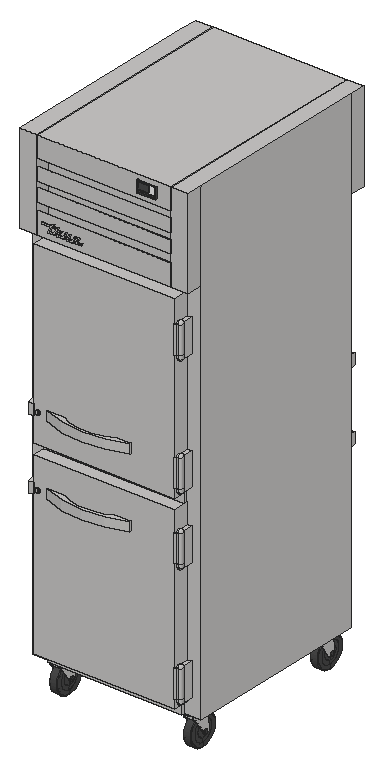
Revit family "QF_TRUE_STG1RPT-2HS-2HS-HC", category Specialty Equipment, Revit 2012 (continued)
Automatic sketch dimensions
  Extrusion 6 sketch curve to Extrusion 6 sketch curve = 0.01413"
  Extrusion 6 sketch curve to Extrusion 6 sketch curve = 0.37162"
  Extrusion 6 sketch curve to Extrusion 6 sketch curve = 0.12551"
  Extrusion 6 sketch curve to Extrusion 6 sketch curve = 0.07633"
  Extrusion 6 sketch curve to Extrusion 6 sketch curve = 0.08445"
  Extrusion 6 sketch curve to Extrusion 6 sketch curve = 0.25598"
  Extrusion 6 sketch curve to Extrusion 6 sketch curve = 0.01887"
  Extrusion 6 sketch curve to Extrusion 6 sketch curve = 0.04061"
  Extrusion 6 sketch curve to Extrusion 6 sketch curve = 0.0653"
  Extrusion 6 sketch curve to Extrusion 6 sketch curve = 0.08474"
  Extrusion 6 sketch curve to Extrusion 6 sketch curve = 0.00815"
  Extrusion 6 sketch curve to Extrusion 6 sketch curve = 0.22037"
  Extrusion 6 sketch curve to Extrusion 6 sketch curve = 0.21921"
  Extrusion 6 sketch curve to Extrusion 6 sketch curve = 0.11572"
  Extrusion 6 sketch curve to Extrusion 6 sketch curve = 0.46643"
  Extrusion 6 sketch curve to Extrusion 6 sketch curve = 0.00535"
  Extrusion 6 sketch curve to Extrusion 6 sketch curve = 0.09269"
  Extrusion 6 sketch curve to Extrusion 6 sketch curve = 0.09348"
  Extrusion 6 sketch curve to Extrusion 6 sketch curve = 0.14812"
  Extrusion 6 sketch curve to Extrusion 6 sketch curve = 0.07778"  (x3)
  Extrusion 6 sketch curve to Extrusion 6 sketch curve = 0.20054"
  Extrusion 6 sketch curve to Extrusion 6 sketch curve = 0.04325"
  Extrusion 6 sketch curve to Extrusion 6 sketch curve = 0.32433"
  Extrusion 6 sketch curve to Extrusion 6 sketch curve = 0.10233"  (x2)
  Extrusion 6 sketch curve to Extrusion 6 sketch curve = 0.16515"
  Extrusion 6 sketch curve to Extrusion 6 sketch curve = 0.27321"
  Extrusion 6 sketch curve to Extrusion 6 sketch curve = 0.0526"
  Extrusion 6 sketch curve to Extrusion 6 sketch curve = 0.10005"
  Extrusion 6 sketch curve to Extrusion 6 sketch curve = 0.06912"
  Extrusion 6 sketch curve to Extrusion 6 sketch curve = 0.13276"
  Extrusion 6 sketch curve to Extrusion 6 sketch curve = 0.17486"
  Extrusion 6 sketch curve to Extrusion 6 sketch curve = 0.05291"
  Extrusion 6 sketch curve to Extrusion 6 sketch curve = 0.53374"
  Extrusion 6 sketch curve to Extrusion 6 sketch curve = 0.09914"  (x2)
  Extrusion 6 sketch curve to Extrusion 6 sketch curve = 0.15992"
  Extrusion 6 sketch curve to Extrusion 6 sketch curve = 0.46666"
  Extrusion 6 sketch curve to Extrusion 6 sketch curve = 0.00582"
  Extrusion 6 sketch curve to Extrusion 6 sketch curve = 0.08216"
  Extrusion 6 sketch curve to Extrusion 6 sketch curve = 0.16397"
  Extrusion 6 sketch curve to Extrusion 6 sketch curve = 0.12601"
  Extrusion 6 sketch curve to Extrusion 6 sketch curve = 0.1363"
  Extrusion 6 sketch curve to Extrusion 6 sketch curve = 0.02323"
  Extrusion 6 sketch curve to Extrusion 6 sketch curve = 0.03844"
  Extrusion 6 sketch curve to Extrusion 6 sketch curve = 0.0454"
  Extrusion 6 sketch curve to Extrusion 6 sketch curve = 0.05693"
  Extrusion 6 sketch curve to Extrusion 6 sketch curve = 0.0917"
  Extrusion 6 sketch curve to Extrusion 6 sketch curve = 0.01902"
  Extrusion 6 sketch curve to Extrusion 6 sketch curve = 0.02191"
  Extrusion 6 sketch curve to Extrusion 6 sketch curve = 0.0347"
  Extrusion 6 sketch curve to Extrusion 6 sketch curve = 0.06385"
  Extrusion 6 sketch curve to Extrusion 6 sketch curve = 0.02906"
  Extrusion 6 sketch curve to Extrusion 6 sketch curve = 0.02851"
  Extrusion 6 sketch curve to Extrusion 6 sketch curve = 0.29237"
  Extrusion 6 sketch curve to Extrusion 6 sketch curve = 0.00537"
  Extrusion 6 sketch curve to Extrusion 6 sketch curve = 0.0406"
  Extrusion 6 sketch curve to Extrusion 6 sketch curve = 0.04327"
  Extrusion 6 sketch curve to Extrusion 6 sketch curve = 0.02615"
  Extrusion 6 sketch curve to Extrusion 6 sketch curve = 0.11806"
  Extrusion 6 sketch curve to Extrusion 6 sketch curve = 0.15103"
  Extrusion 6 sketch curve to Extrusion 6 sketch curve = 0.10007"
  Extrusion 6 sketch curve to Extrusion 6 sketch curve = 0.5254"
  Extrusion 6 sketch curve to Extrusion 6 sketch curve = 0.14787"
  Extrusion 6 sketch curve to plane 5 "TOP" = 13.64562"
  Extrusion 6 sketch curve to Extrusion 6 sketch curve = 0.07275"
  Extrusion 6 sketch curve to Extrusion 6 sketch curve = 0.05776"
  Extrusion 6 sketch curve to Extrusion 6 sketch curve = 0.08631"
  Extrusion 6 sketch curve to Extrusion 6 sketch curve = 0.09282"
  Extrusion 6 sketch curve to Extrusion 6 sketch curve = 0.13018"
  Extrusion 6 sketch curve to Extrusion 6 sketch curve = 0.16714"
  Extrusion 6 sketch curve to Extrusion 6 sketch curve = 0.11061"
  Extrusion 6 sketch curve to Extrusion 6 sketch curve = 0.06046"
  Extrusion 6 sketch curve to Extrusion 6 sketch curve = 0.16548"
  Extrusion 6 sketch curve to Extrusion 6 sketch curve = 0.14279"
  Extrusion 6 sketch curve to Extrusion 6 sketch curve = 0.0496"
  Extrusion 6 sketch curve to Extrusion 6 sketch curve = 0.07293"
  Extrusion 6 sketch curve to Extrusion 6 sketch curve = 0.07764"
  Extrusion 6 sketch curve to Extrusion 6 sketch curve = 0.03794"
  Extrusion 6 sketch curve to Extrusion 6 sketch curve = 0.08552"
  Extrusion 6 sketch curve to Extrusion 6 sketch curve = 0.09296"
  Extrusion 6 sketch curve to Extrusion 6 sketch curve = 0.09314"
  Extrusion 6 sketch curve to Extrusion 6 sketch curve = 0.02781"
  Extrusion 6 sketch curve to Extrusion 6 sketch curve = 0.04981"
  Extrusion 6 sketch curve to Extrusion 6 sketch curve = 0.09315"
  Extrusion 6 sketch curve to Extrusion 6 sketch curve = 0.04799"
  Extrusion 6 sketch curve to Extrusion 6 sketch curve = 0.02531"
  Extrusion 6 sketch curve to Extrusion 6 sketch curve = 0.03054"
  Extrusion 6 sketch curve to Extrusion 6 sketch curve = 0.2589"
  Extrusion 6 sketch curve to Extrusion 6 sketch curve = 0.0674"
  Extrusion 6 sketch curve to Extrusion 6 sketch curve = 0.0324"
  Extrusion 6 sketch curve to Extrusion 6 sketch curve = 0.26185"
  Extrusion 6 sketch curve to Extrusion 6 sketch curve = 11/256"
  Extrusion 6 sketch curve to Extrusion 6 sketch curve = 0.07366"
  Extrusion 6 sketch curve to Extrusion 6 sketch curve = 0.02187"
  Extrusion 6 sketch curve to Extrusion 6 sketch curve = 0.06479"
  Extrusion 6 sketch curve to Extrusion 6 sketch curve = 0.01183"
  Extrusion 6 sketch curve to Extrusion 6 sketch curve = 0.05778"
  Extrusion 6 sketch curve to Extrusion 6 sketch curve = 0.53375"
  Extrusion 6 sketch curve to Extrusion 6 sketch curve = 0.23098"
  Extrusion 6 sketch curve to Extrusion 6 sketch curve = 0"
  Extrusion 6 sketch curve to Extrusion 6 sketch curve = 0.05045"
  Extrusion 6 sketch curve to Extrusion 6 sketch curve = 0.09139"
  Extrusion 6 sketch curve to Extrusion 6 sketch curve = 29/128"  (x3)
  Extrusion 7 sketch curve to plane 3 "RIGHT" = 3 1/4"
  Extrusion 7 sketch curve to plane 5 "TOP" = 2 1/8"
  Revolve 8 sketch curve to plane 3 "RIGHT" = 4.35148"
  Revolve 8 sketch curve to Revolve 8 sketch curve = 0.48273"
  Revolve 8 sketch curve to Revolve 8 sketch curve = 0.4"
  Revolve 8 sketch curve to Revolve 8 sketch curve = 0"  (x2)
  Revolve 8 sketch curve to Revolve 8 sketch curve = 0.1"  (x2)
  Revolve 8 sketch curve to Revolve 8 sketch curve = 0.16101"
  Revolve 8 sketch curve to Revolve 8 sketch curve = 0.75408"
  Revolve 8 sketch curve to Revolve 8 sketch curve = 0.92798"
  Revolve 8 sketch curve to Revolve 8 sketch curve = 0.06101"
  Revolve 8 sketch curve to Revolve 8 sketch curve = 1/2"
  Revolve 8 sketch curve to Revolve 8 sketch curve = 0.16509"
  Revolve 8 sketch curve to Revolve 8 sketch curve = 0.39592"
  level to Revolve 8 sketch curve = 2 1/2"
  Revolve 8 sketch curve to Revolve 8 sketch curve = 0.29941"  (x2)
  Revolve 8 sketch curve to Revolve 8 sketch curve = 3/4"  (x4)
  Revolve 8 sketch curve to Revolve 8 sketch curve = 0.59652"
  Revolve 8 sketch curve to Revolve 8 sketch curve = 0.60059"
  Extrusion 9 sketch curve to plane 6 = 0.63926"  (x2)
  Extrusion 9 sketch curve to plane 4 "FRONT" = 3.79864"
  Extrusion 9 sketch curve to Extrusion 9 sketch curve = 1/4"  (x2)
  level to Extrusion 9 sketch curve = 2.18736"  (x2)
  Extrusion 9 sketch curve to Extrusion 9 sketch curve = 1.7492"  (x2)
  Extrusion 9 sketch curve to Extrusion 9 sketch curve = 0.50669"  (x2)
  Extrusion 9 sketch curve to Extrusion 9 sketch curve = 2 1/2"  (x2)
  level to Extrusion 9 sketch curve = 2.59003"  (x2)
  Extrusion 9 sketch curve to Extrusion 9 sketch curve = 0.59966"  (x2)
  plane 8 to Extrusion 9 sketch curve = 6.82645"
  Extrusion 9 sketch curve to Extrusion 9 sketch curve = 0.60485"  (x2)
  Extrusion 10 sketch curve to plane 6 = 0.63926"  (x2)
  Extrusion 10 sketch curve to plane 4 "FRONT" = 3.79864"
  Extrusion 10 sketch curve to Extrusion 10 sketch curve = 1/4"  (x2)
  level to Extrusion 10 sketch curve = 2.18736"  (x2)
  Extrusion 10 sketch curve to Extrusion 10 sketch curve = 1.7492"  (x2)
  Extrusion 10 sketch curve to Extrusion 10 sketch curve = 0.50669"  (x2)
  Extrusion 10 sketch curve to Extrusion 10 sketch curve = 2 1/2"  (x2)
  level to Extrusion 10 sketch curve = 2.59003"  (x2)
  Extrusion 10 sketch curve to Extrusion 10 sketch curve = 0.59966"  (x2)
  plane 8 to Extrusion 10 sketch curve = 6.82645"
  Extrusion 10 sketch curve to Extrusion 10 sketch curve = 0.60485"  (x2)
  Revolve 11 sketch curve to plane 6 = 0.62954"
  Revolve 11 sketch curve to plane 3 "RIGHT" = 4.14082"
  Revolve 11 sketch curve to Revolve 11 sketch curve = 1.29707"
  Revolve 11 sketch curve to Revolve 11 sketch curve = 0"
  Revolve 11 sketch curve to Revolve 11 sketch curve = 0.10278"
  Revolve 11 sketch curve to plane 6 = 0.00141"
  plane 6 to Revolve 11 sketch curve = 0.26768"
  Revolve 12 sketch curve to level = 0"
  Revolve 12 sketch curve to plane 6 = 0"
  Revolve 12 sketch curve to plane 3 "RIGHT" = 4.17713"
  level to Revolve 12 sketch curve = 1"
  Revolve 12 sketch curve to plane 3 "RIGHT" = 3 19/32"
  Revolve 12 sketch curve to Revolve 12 sketch curve = 1/4"
  Revolve 12 sketch curve to Revolve 12 sketch curve = 1/2"
  Revolve 12 sketch curve to Revolve 12 sketch curve = 0"
  Revolve 12 sketch curve to Revolve 12 sketch curve = 5/8"
  plane 6 to Revolve 12 sketch curve = 1 25/32"
  Revolve 13 sketch curve to level = 0"
  Revolve 13 sketch curve to plane 6 = 0"
  Revolve 13 sketch curve to plane 3 "RIGHT" = 4.17713"
  level to Revolve 13 sketch curve = 1"
  Revolve 13 sketch curve to plane 3 "RIGHT" = 3 19/32"
  Revolve 13 sketch curve to Revolve 13 sketch curve = 1/4"
  Revolve 13 sketch curve to Revolve 13 sketch curve = 1/2"
  Revolve 13 sketch curve to Revolve 13 sketch curve = 0"
  Revolve 13 sketch curve to Revolve 13 sketch curve = 5/8"
  plane 6 to Revolve 13 sketch curve = 1 25/32"
  Revolve 14 sketch curve to plane 6 = 0.62954"
  Revolve 14 sketch curve to plane 3 "RIGHT" = 4.14082"
  Revolve 14 sketch curve to Revolve 14 sketch curve = 1.29707"
  Revolve 14 sketch curve to Revolve 14 sketch curve = 0"
  Revolve 14 sketch curve to Revolve 14 sketch curve = 0.10278"
  Revolve 14 sketch curve to plane 6 = 0.00141"
  plane 6 to Revolve 14 sketch curve = 0.26768"
  Extrusion 15 sketch curve to plane 6 = 0.63926"  (x2)
  Extrusion 15 sketch curve to plane 4 "FRONT" = 3.79864"
  Extrusion 15 sketch curve to Extrusion 15 sketch curve = 1/4"  (x2)
  Extrusion 15 sketch curve to Extrusion 15 sketch curve = 2 1/2"  (x2)
  Extrusion 15 sketch curve to plane 6 = 0.93273"  (x2)
  Extrusion 15 sketch curve to Extrusion 15 sketch curve = 0.03603"
  plane 8 to Extrusion 15 sketch curve = 6.82645"
  Extrusion 15 sketch curve to plane 6 = 1.24411"
  plane 2 "LEFT" to Revolve 16 sketch curve = 1.33602"
  Revolve 16 sketch curve to Revolve 16 sketch curve = 0.48273"
  Revolve 16 sketch curve to Revolve 16 sketch curve = 0.4"
  Revolve 16 sketch curve to Revolve 16 sketch curve = 0"  (x2)
  Revolve 16 sketch curve to Revolve 16 sketch curve = 0.1"  (x2)
  Revolve 16 sketch curve to Revolve 16 sketch curve = 0.16101"
  Revolve 16 sketch curve to Revolve 16 sketch curve = 0.75408"
  Revolve 16 sketch curve to Revolve 16 sketch curve = 0.92798"
  Revolve 16 sketch curve to Revolve 16 sketch curve = 0.06101"
  Revolve 16 sketch curve to Revolve 16 sketch curve = 1/2"
  Revolve 16 sketch curve to Revolve 16 sketch curve = 0.16509"
  Revolve 16 sketch curve to Revolve 16 sketch curve = 0.39592"
  level to Revolve 16 sketch curve = 2 1/2"
  Revolve 16 sketch curve to Revolve 16 sketch curve = 0.29941"  (x2)
  Revolve 16 sketch curve to Revolve 16 sketch curve = 3/4"  (x4)
  Revolve 16 sketch curve to Revolve 16 sketch curve = 0.59652"
  Revolve 16 sketch curve to Revolve 16 sketch curve = 0.60059"
  Extrusion 17 sketch curve to plane 6 = 0.63926"  (x2)
  Extrusion 17 sketch curve to plane 4 "FRONT" = 3.79864"
  Extrusion 17 sketch curve to Extrusion 17 sketch curve = 1/4"  (x2)
  level to Extrusion 17 sketch curve = 2.18736"  (x2)
  Extrusion 17 sketch curve to Extrusion 17 sketch curve = 1.7492"  (x2)
  Extrusion 17 sketch curve to Extrusion 17 sketch curve = 0.50669"  (x2)
  Extrusion 17 sketch curve to Extrusion 17 sketch curve = 2 1/2"  (x2)
  level to Extrusion 17 sketch curve = 2.59003"  (x2)
  Extrusion 17 sketch curve to Extrusion 17 sketch curve = 0.59966"  (x2)
  plane 8 to Extrusion 17 sketch curve = 6.82645"
  Extrusion 17 sketch curve to Extrusion 17 sketch curve = 0.60485"  (x2)
  Extrusion 18 sketch curve to plane 6 = 0.63926"  (x2)
  Extrusion 18 sketch curve to plane 4 "FRONT" = 3.79864"
  Extrusion 18 sketch curve to Extrusion 18 sketch curve = 1/4"  (x2)
  level to Extrusion 18 sketch curve = 2.18736"  (x2)
  Extrusion 18 sketch curve to Extrusion 18 sketch curve = 1.7492"  (x2)
  Extrusion 18 sketch curve to Extrusion 18 sketch curve = 0.50669"  (x2)
  Extrusion 18 sketch curve to Extrusion 18 sketch curve = 2 1/2"  (x2)
  level to Extrusion 18 sketch curve = 2.59003"  (x2)
  Extrusion 18 sketch curve to Extrusion 18 sketch curve = 0.59966"  (x2)
  plane 8 to Extrusion 18 sketch curve = 6.82645"
  Extrusion 18 sketch curve to Extrusion 18 sketch curve = 0.60485"  (x2)
  Revolve 19 sketch curve to plane 6 = 0.62954"
  plane 2 "LEFT" to Revolve 19 sketch curve = 1.54668"
  Revolve 19 sketch curve to Revolve 19 sketch curve = 1.29707"
  Revolve 19 sketch curve to Revolve 19 sketch curve = 0"
  Revolve 19 sketch curve to Revolve 19 sketch curve = 0.10278"
  Revolve 19 sketch curve to plane 6 = 0.00141"
  plane 6 to Revolve 19 sketch curve = 0.26768"
  Revolve 20 sketch curve to level = 0"
  Revolve 20 sketch curve to plane 6 = 0"
  plane 2 "LEFT" to Revolve 20 sketch curve = 1.51037"
  level to Revolve 20 sketch curve = 1"
  plane 2 "LEFT" to Revolve 20 sketch curve = 2 3/32"
  Revolve 20 sketch curve to Revolve 20 sketch curve = 1/4"
  Revolve 20 sketch curve to Revolve 20 sketch curve = 1/2"
  Revolve 20 sketch curve to Revolve 20 sketch curve = 0"
  Revolve 20 sketch curve to Revolve 20 sketch curve = 5/8"
  plane 6 to Revolve 20 sketch curve = 1 25/32"
  Revolve 21 sketch curve to level = 0"
  Revolve 21 sketch curve to plane 6 = 0"
  plane 2 "LEFT" to Revolve 21 sketch curve = 1.51037"
  level to Revolve 21 sketch curve = 1"
  plane 2 "LEFT" to Revolve 21 sketch curve = 2 3/32"
  Revolve 21 sketch curve to Revolve 21 sketch curve = 1/4"
  Revolve 21 sketch curve to Revolve 21 sketch curve = 1/2"
  Revolve 21 sketch curve to Revolve 21 sketch curve = 0"
  Revolve 21 sketch curve to Revolve 21 sketch curve = 5/8"
  plane 6 to Revolve 21 sketch curve = 1 25/32"
  Revolve 22 sketch curve to plane 6 = 0.62954"
  plane 2 "LEFT" to Revolve 22 sketch curve = 1.54668"
  Revolve 22 sketch curve to Revolve 22 sketch curve = 1.29707"
  Revolve 22 sketch curve to Revolve 22 sketch curve = 0"
  Revolve 22 sketch curve to Revolve 22 sketch curve = 0.10278"
  Revolve 22 sketch curve to plane 6 = 0.00141"
  plane 6 to Revolve 22 sketch curve = 0.26768"
  Extrusion 23 sketch curve to plane 6 = 0.63926"  (x2)
  Extrusion 23 sketch curve to plane 4 "FRONT" = 3.79864"
  Extrusion 23 sketch curve to Extrusion 23 sketch curve = 1/4"  (x2)
  Extrusion 23 sketch curve to Extrusion 23 sketch curve = 2 1/2"  (x2)
  Extrusion 23 sketch curve to plane 6 = 0.93273"  (x2)
  Extrusion 23 sketch curve to Extrusion 23 sketch curve = 0.03603"
  plane 8 to Extrusion 23 sketch curve = 6.82645"
  Extrusion 23 sketch curve to plane 6 = 1.24411"
  Extrusion 24 sketch curve to plane 3 "RIGHT" = 2 55/64"
  Extrusion 24 sketch curve to plane 3 "RIGHT" = 3/64"
  plane 8 to Extrusion 24 sketch curve = 2 3/4"
  plane 8 to Extrusion 24 sketch curve = 3/16"
  plane 2 "LEFT" to Extrusion 25 sketch curve = 3/64"
  plane 8 to Extrusion 25 sketch curve = 3/16"
  Extrusion 25 sketch curve to Extrusion 25 sketch curve = 2 13/16"
  Extrusion 25 sketch curve to Extrusion 25 sketch curve = 2 9/16"
  plane 8 to Extrusion 26 sketch curve = 0.60979"
  Extrusion 26 sketch curve to Extrusion 26 sketch curve = 0.43503"
  Extrusion 26 sketch curve to Extrusion 26 sketch curve = 0.20453"
  Extrusion 26 sketch curve to Extrusion 26 sketch curve = 1.50065"
  Extrusion 26 sketch curve to plane 5 "TOP" = 19.57271"
  Extrusion 26 sketch curve to Extrusion 26 sketch curve = 4.39928"
  Extrusion 26 sketch curve to Extrusion 26 sketch curve = 0.71221"
  plane 8 to Revolve 27 sketch curve = 3/16"  (x2)
  Revolve 27 sketch curve to Revolve 27 sketch curve = 0.38242"
  Revolve 27 sketch curve to Revolve 27 sketch curve = 0.38436"
  plane 8 to Revolve 27 sketch curve = 0.59416"
  Revolve 27 sketch curve to Revolve 27 sketch curve = 0.40666"
  Revolve 27 sketch curve to Revolve 27 sketch curve = 0"
  Revolve 27 sketch curve to plane 5 "TOP" = 18.75492"
  Revolve 27 sketch curve to Revolve 27 sketch curve = 0.55526"
  Revolve 27 sketch curve to Revolve 27 sketch curve = 0.19474"
  Revolve 27 sketch curve to Revolve 27 sketch curve = 0.14649"
  Revolve 27 sketch curve to Revolve 27 sketch curve = 4.42889"
  Revolve 27 sketch curve to Revolve 27 sketch curve = 0.05342"
  Revolve 27 sketch curve to Revolve 27 sketch curve = 0.51246"
  Revolve 27 sketch curve to Revolve 27 sketch curve = 0.05889"
  plane 2 "LEFT" to Extrusion 28 sketch curve = 1.88366"
  Extrusion 28 sketch curve to Extrusion 28 sketch curve = 0.39759"
  Extrusion 28 sketch curve to plane 5 "TOP" = 19.6514"
  Extrusion 28 sketch curve to Extrusion 28 sketch curve = 4.47281"
  plane 8 to Extrusion 29 sketch curve = 0.60979"
  Extrusion 29 sketch curve to Extrusion 29 sketch curve = 0.43503"
  Extrusion 29 sketch curve to Extrusion 29 sketch curve = 0.20453"
  Extrusion 29 sketch curve to Extrusion 29 sketch curve = 1.50065"
  plane 6 to Extrusion 29 sketch curve = 38.92729"
  Extrusion 29 sketch curve to Extrusion 29 sketch curve = 4.39928"
  Extrusion 29 sketch curve to Extrusion 29 sketch curve = 0.71221"
  plane 8 to Revolve 30 sketch curve = 3/16"  (x2)
  Revolve 30 sketch curve to Revolve 30 sketch curve = 0.38242"
  Revolve 30 sketch curve to Revolve 30 sketch curve = 0.38436"
  plane 8 to Revolve 30 sketch curve = 0.59416"
  Revolve 30 sketch curve to Revolve 30 sketch curve = 0.40666"
  Revolve 30 sketch curve to Revolve 30 sketch curve = 0"
  Revolve 30 sketch curve to plane 5 "TOP" = 38.25492"
  Revolve 30 sketch curve to Revolve 30 sketch curve = 0.55526"
  Revolve 30 sketch curve to Revolve 30 sketch curve = 0.19474"
  Revolve 30 sketch curve to Revolve 30 sketch curve = 0.14649"
  Revolve 30 sketch curve to Revolve 30 sketch curve = 4.42889"
  Revolve 30 sketch curve to Revolve 30 sketch curve = 0.05342"
  Revolve 30 sketch curve to Revolve 30 sketch curve = 0.51246"
  Revolve 30 sketch curve to Revolve 30 sketch curve = 0.05889"
  plane 2 "LEFT" to Extrusion 31 sketch curve = 1.88366"
  Extrusion 31 sketch curve to Extrusion 31 sketch curve = 0.39759"
  plane 6 to Extrusion 31 sketch curve = 38.8486"
  Extrusion 31 sketch curve to Extrusion 31 sketch curve = 4.47281"
  plane 8 to Extrusion 32 sketch curve = 0.60979"
  Extrusion 32 sketch curve to Extrusion 32 sketch curve = 0.43503"
  Extrusion 32 sketch curve to Extrusion 32 sketch curve = 0.20453"
  Extrusion 32 sketch curve to Extrusion 32 sketch curve = 1.50065"
  plane 6 to Extrusion 32 sketch curve = 27.92729"
  Extrusion 32 sketch curve to Extrusion 32 sketch curve = 4.39928"
  Extrusion 32 sketch curve to Extrusion 32 sketch curve = 0.71221"
  plane 8 to Revolve 33 sketch curve = 3/16"  (x2)
  Revolve 33 sketch curve to Revolve 33 sketch curve = 0.38242"
  Revolve 33 sketch curve to Revolve 33 sketch curve = 0.38436"
  plane 8 to Revolve 33 sketch curve = 0.59416"
  Revolve 33 sketch curve to Revolve 33 sketch curve = 0.40666"
  Revolve 33 sketch curve to Revolve 33 sketch curve = 0"
  plane 6 to Revolve 33 sketch curve = 28.74508"
  Revolve 33 sketch curve to Revolve 33 sketch curve = 0.55526"
  Revolve 33 sketch curve to Revolve 33 sketch curve = 0.19474"
  Revolve 33 sketch curve to Revolve 33 sketch curve = 0.14649"
  Revolve 33 sketch curve to Revolve 33 sketch curve = 4.42889"
  Revolve 33 sketch curve to Revolve 33 sketch curve = 0.05342"
  Revolve 33 sketch curve to Revolve 33 sketch curve = 0.51246"
  Revolve 33 sketch curve to Revolve 33 sketch curve = 0.05889"
  plane 2 "LEFT" to Extrusion 34 sketch curve = 1.88366"
  Extrusion 34 sketch curve to Extrusion 34 sketch curve = 0.39759"
  plane 6 to Extrusion 34 sketch curve = 27.8486"
  Extrusion 34 sketch curve to Extrusion 34 sketch curve = 4.47281"
  plane 8 to Extrusion 35 sketch curve = 0.60979"
  Extrusion 35 sketch curve to Extrusion 35 sketch curve = 0.43503"
  Extrusion 35 sketch curve to Extrusion 35 sketch curve = 0.20453"
  Extrusion 35 sketch curve to Extrusion 35 sketch curve = 1.50065"
  plane 6 to Extrusion 35 sketch curve = 8.17729"
  plane 6 to Extrusion 35 sketch curve = 3.57348"
  Extrusion 35 sketch curve to Extrusion 35 sketch curve = 0.75105"
  plane 8 to Revolve 36 sketch curve = 3/16"  (x2)
  Revolve 36 sketch curve to Revolve 36 sketch curve = 0.38242"
  Revolve 36 sketch curve to Revolve 36 sketch curve = 0.38436"
  plane 8 to Revolve 36 sketch curve = 0.59416"
  Revolve 36 sketch curve to Revolve 36 sketch curve = 0.40666"
  Revolve 36 sketch curve to Revolve 36 sketch curve = 0"
  plane 6 to Revolve 36 sketch curve = 8.99508"
  Revolve 36 sketch curve to Revolve 36 sketch curve = 0.55526"
  Revolve 36 sketch curve to Revolve 36 sketch curve = 0.19474"
  Revolve 36 sketch curve to Revolve 36 sketch curve = 0.14649"
  plane 6 to Revolve 36 sketch curve = 3.62689"
  Revolve 36 sketch curve to Revolve 36 sketch curve = 0.05342"
  Revolve 36 sketch curve to Revolve 36 sketch curve = 0.51246"
  Revolve 36 sketch curve to Revolve 36 sketch curve = 0.05889"
  plane 2 "LEFT" to Extrusion 37 sketch curve = 1.88366"
  Extrusion 37 sketch curve to Extrusion 37 sketch curve = 0.39759"
  plane 6 to Extrusion 37 sketch curve = 8.0986"
  plane 6 to Extrusion 37 sketch curve = 3.62579"
  plane 2 "LEFT" to Extrusion 38 sketch curve = 2 9/32"
  Extrusion 38 sketch curve to Extrusion 38 sketch curve = 0"
  Extrusion 38 sketch curve to plane 3 "RIGHT" = 2 9/32"  (x2)
  plane 6 to Extrusion 38 sketch curve = 1 29/32"
  Extrusion 38 sketch curve to Extrusion 38 sketch curve = 29 1/8"
  Extrusion 38 sketch curve to Extrusion 38 sketch curve = 1 11/16"
  Extrusion 38 sketch curve to plane 5 "TOP" = 16 5/32"
  Extrusion 39 sketch curve to plane 4 "FRONT" = 0.60979"
  Extrusion 39 sketch curve to Extrusion 39 sketch curve = 0.43503"
  Extrusion 39 sketch curve to Extrusion 39 sketch curve = 0.20453"
  Extrusion 39 sketch curve to Extrusion 39 sketch curve = 1.50065"
  Extrusion 39 sketch curve to plane 5 "TOP" = 19.66646"
  Extrusion 39 sketch curve to Extrusion 39 sketch curve = 4.39928"
  Extrusion 39 sketch curve to Extrusion 39 sketch curve = 0.71221"
  Revolve 40 sketch curve to plane 4 "FRONT" = 3/8"  (x2)
  Revolve 40 sketch curve to Revolve 40 sketch curve = 0.38242"
  Revolve 40 sketch curve to Revolve 40 sketch curve = 0.38436"
  Revolve 40 sketch curve to plane 4 "FRONT" = 0.78166"
  Revolve 40 sketch curve to Revolve 40 sketch curve = 0.40666"
  Revolve 40 sketch curve to Revolve 40 sketch curve = 0"
  Revolve 40 sketch curve to plane 5 "TOP" = 18.84867"
  Revolve 40 sketch curve to Revolve 40 sketch curve = 0.55526"
  Revolve 40 sketch curve to Revolve 40 sketch curve = 0.19474"
  Revolve 40 sketch curve to Revolve 40 sketch curve = 0.14649"
  Revolve 40 sketch curve to Revolve 40 sketch curve = 4.42889"
  Revolve 40 sketch curve to Revolve 40 sketch curve = 0.05342"
  Revolve 40 sketch curve to Revolve 40 sketch curve = 0.51246"
  Revolve 40 sketch curve to Revolve 40 sketch curve = 0.05889"
  Extrusion 41 sketch curve to plane 3 "RIGHT" = 1.88366"
  Extrusion 41 sketch curve to Extrusion 41 sketch curve = 0.39759"
  Extrusion 41 sketch curve to plane 5 "TOP" = 19.74515"
  Extrusion 41 sketch curve to Extrusion 41 sketch curve = 4.47281"
  Extrusion 42 sketch curve to plane 4 "FRONT" = 0.60979"
  Extrusion 42 sketch curve to Extrusion 42 sketch curve = 0.43503"
  Extrusion 42 sketch curve to Extrusion 42 sketch curve = 0.20453"
  Extrusion 42 sketch curve to Extrusion 42 sketch curve = 1.50065"
  plane 6 to Extrusion 42 sketch curve = 38.83354"
  Extrusion 42 sketch curve to Extrusion 42 sketch curve = 4.39928"
  Extrusion 42 sketch curve to Extrusion 42 sketch curve = 0.71221"
  Revolve 43 sketch curve to plane 4 "FRONT" = 3/8"  (x2)
  Revolve 43 sketch curve to Revolve 43 sketch curve = 0.38242"
  Revolve 43 sketch curve to Revolve 43 sketch curve = 0.38436"
  Revolve 43 sketch curve to plane 4 "FRONT" = 0.78166"
  Revolve 43 sketch curve to Revolve 43 sketch curve = 0.40666"
  Revolve 43 sketch curve to Revolve 43 sketch curve = 0"
  Revolve 43 sketch curve to plane 5 "TOP" = 38.34867"
  Revolve 43 sketch curve to Revolve 43 sketch curve = 0.55526"
  Revolve 43 sketch curve to Revolve 43 sketch curve = 0.19474"
  Revolve 43 sketch curve to Revolve 43 sketch curve = 0.14649"
  Revolve 43 sketch curve to Revolve 43 sketch curve = 4.42889"
  Revolve 43 sketch curve to Revolve 43 sketch curve = 0.05342"
  Revolve 43 sketch curve to Revolve 43 sketch curve = 0.51246"
  Revolve 43 sketch curve to Revolve 43 sketch curve = 0.05889"
  Extrusion 44 sketch curve to plane 3 "RIGHT" = 1.88366"
  Extrusion 44 sketch curve to Extrusion 44 sketch curve = 0.39759"
  plane 6 to Extrusion 44 sketch curve = 38.75485"
  Extrusion 44 sketch curve to Extrusion 44 sketch curve = 4.47281"
  Extrusion 45 sketch curve to plane 4 "FRONT" = 0.60979"
  Extrusion 45 sketch curve to Extrusion 45 sketch curve = 0.43503"
  Extrusion 45 sketch curve to Extrusion 45 sketch curve = 0.20453"
  Extrusion 45 sketch curve to Extrusion 45 sketch curve = 1.50065"
  plane 6 to Extrusion 45 sketch curve = 27.83354"
  Extrusion 45 sketch curve to Extrusion 45 sketch curve = 4.39928"
  Extrusion 45 sketch curve to Extrusion 45 sketch curve = 0.71221"
  Revolve 46 sketch curve to plane 4 "FRONT" = 3/8"  (x2)
  Revolve 46 sketch curve to Revolve 46 sketch curve = 0.38242"
  Revolve 46 sketch curve to Revolve 46 sketch curve = 0.38436"
  Revolve 46 sketch curve to plane 4 "FRONT" = 0.78166"
  Revolve 46 sketch curve to Revolve 46 sketch curve = 0.40666"
  Revolve 46 sketch curve to Revolve 46 sketch curve = 0"
  plane 6 to Revolve 46 sketch curve = 28.65133"
  Revolve 46 sketch curve to Revolve 46 sketch curve = 0.55526"
  Revolve 46 sketch curve to Revolve 46 sketch curve = 0.19474"
  Revolve 46 sketch curve to Revolve 46 sketch curve = 0.14649"
  Revolve 46 sketch curve to Revolve 46 sketch curve = 4.42889"
  Revolve 46 sketch curve to Revolve 46 sketch curve = 0.05342"
  Revolve 46 sketch curve to Revolve 46 sketch curve = 0.51246"
  Revolve 46 sketch curve to Revolve 46 sketch curve = 0.05889"
  Extrusion 47 sketch curve to plane 3 "RIGHT" = 1.88366"
  Extrusion 47 sketch curve to Extrusion 47 sketch curve = 0.39759"
  plane 6 to Extrusion 47 sketch curve = 27.75485"
  Extrusion 47 sketch curve to Extrusion 47 sketch curve = 4.47281"
  Extrusion 48 sketch curve to plane 4 "FRONT" = 0.60979"
  Extrusion 48 sketch curve to Extrusion 48 sketch curve = 0.43503"
  Extrusion 48 sketch curve to Extrusion 48 sketch curve = 0.20453"
  Extrusion 48 sketch curve to Extrusion 48 sketch curve = 1.50065"
  plane 6 to Extrusion 48 sketch curve = 8.08354"
  plane 6 to Extrusion 48 sketch curve = 3.47973"
  Extrusion 48 sketch curve to Extrusion 48 sketch curve = 0.71221"
  Revolve 49 sketch curve to plane 4 "FRONT" = 3/8"  (x2)
  Revolve 49 sketch curve to Revolve 49 sketch curve = 0.38242"
  Revolve 49 sketch curve to Revolve 49 sketch curve = 0.38436"
  Revolve 49 sketch curve to plane 4 "FRONT" = 0.78166"
  Revolve 49 sketch curve to Revolve 49 sketch curve = 0.40666"
  Revolve 49 sketch curve to Revolve 49 sketch curve = 0"
  plane 6 to Revolve 49 sketch curve = 8.90133"
  Revolve 49 sketch curve to Revolve 49 sketch curve = 0.55526"
  Revolve 49 sketch curve to Revolve 49 sketch curve = 0.19474"
  Revolve 49 sketch curve to Revolve 49 sketch curve = 0.14649"
  plane 6 to Revolve 49 sketch curve = 3.53314"
  Revolve 49 sketch curve to Revolve 49 sketch curve = 0.05342"
  Revolve 49 sketch curve to Revolve 49 sketch curve = 0.51246"
  Revolve 49 sketch curve to Revolve 49 sketch curve = 0.05889"
  Extrusion 50 sketch curve to plane 3 "RIGHT" = 1.88366"
  Extrusion 50 sketch curve to Extrusion 50 sketch curve = 0.39759"
  plane 6 to Extrusion 50 sketch curve = 8.00485"
  plane 6 to Extrusion 50 sketch curve = 3.53204"
  plane 2 "LEFT" to Extrusion 51 sketch curve = 3.0734"
  Extrusion 51 sketch curve to Extrusion 51 sketch curve = 0.02035"
  Extrusion 51 sketch curve to Extrusion 51 sketch curve = 0.0555"
  plane 6 to Extrusion 51 sketch curve = 25.91365"
  Extrusion 51 sketch curve to Extrusion 51 sketch curve = 0.27385"
  Extrusion 51 sketch curve to Extrusion 51 sketch curve = 0.29355"
  plane 2 "LEFT" to Blend 52 sketch curve = 2 9/32"  (x2)
  Blend 52 sketch curve to Blend 52 sketch curve = 3/4"
  plane 6 to Blend 52 sketch curve = 27.00831"
  Blend 52 sketch curve to Blend 52 sketch curve = 1 3/4"
  Blend 52 sketch curve to Blend 52 sketch curve = 0.93223"
  plane 6 to Blend 52 sketch curve = 27.6059"
  Blend 52 sketch curve to Blend 52 sketch curve = 2.78233"
  Extrusion 53 sketch curve to plane 4 "FRONT" = 3/16"  (x2)
  plane 2 "LEFT" to Extrusion 53 sketch curve = 4 9/16"
  Extrusion 53 sketch curve to Extrusion 53 sketch curve = 2.37851"  (x2)
  Extrusion 53 sketch curve to Extrusion 53 sketch curve = 4.42149"
  Extrusion 53 sketch curve to Extrusion 53 sketch curve = 0"
  plane 4 "FRONT" to Extrusion 53 sketch curve = 0.0247"
  Extrusion 53 sketch curve to plane 4 "FRONT" = 7.95429"
  Extrusion 53 sketch curve to Extrusion 53 sketch curve = 7.30945"
  plane 2 "LEFT" to Extrusion 54 sketch curve = 2 9/32"
  Extrusion 54 sketch curve to plane 3 "RIGHT" = 2 9/32"
  plane 6 to Extrusion 54 sketch curve = 31 1/32"
  Extrusion 54 sketch curve to Extrusion 54 sketch curve = 1 11/16"
  Extrusion 55 sketch curve to plane 5 "TOP" = 2.55982"
  Extrusion 55 sketch curve to plane 3 "RIGHT" = 8.1621"
  Extrusion 55 sketch curve to Extrusion 55 sketch curve = 2 29/32"
  Extrusion 55 sketch curve to plane 5 "TOP" = 13/16"
  Extrusion 56 sketch curve to plane 5 "TOP" = 3/4"
  Extrusion 56 sketch curve to plane 3 "RIGHT" = 8.2246"
  Extrusion 56 sketch curve to Extrusion 56 sketch curve = 1/16"  (x4)
  Extrusion 56 sketch curve to Extrusion 56 sketch curve = 0.1375"  (x2)
  Extrusion 56 sketch curve to Extrusion 56 sketch curve = 1/4"  (x4)
  Extrusion 56 sketch curve to Extrusion 56 sketch curve = 0.44601"
  Extrusion 56 sketch curve to Extrusion 56 sketch curve = 1/2"  (x2)
  Extrusion 56 sketch curve to Extrusion 56 sketch curve = 0.0035"
  Extrusion 56 sketch curve to Extrusion 56 sketch curve = 1.06923"
  Extrusion 56 sketch curve to plane 5 "TOP" = 0.95"
  Extrusion 56 sketch curve to Extrusion 56 sketch curve = 1"
  Extrusion 56 sketch curve to Extrusion 56 sketch curve = 0.34106"  (x3)
  Extrusion 56 sketch curve to Extrusion 56 sketch curve = 0"
  Extrusion 56 sketch curve to Extrusion 56 sketch curve = 0.26876"
  plane 2 "LEFT" to Extrusion 57 sketch curve = 3.0734"
  Extrusion 57 sketch curve to Extrusion 57 sketch curve = 0.02035"
  Extrusion 57 sketch curve to Extrusion 57 sketch curve = 0.0555"
  plane 6 to Extrusion 57 sketch curve = 37.26895"
  Extrusion 57 sketch curve to Extrusion 57 sketch curve = 0.29355"
  Extrusion 57 sketch curve to Extrusion 57 sketch curve = 0.27385"
  plane 2 "LEFT" to Blend 58 sketch curve = 2 9/32"  (x2)
  Blend 58 sketch curve to Blend 58 sketch curve = 3/4"
  plane 6 to Blend 58 sketch curve = 38.49169"
  Blend 58 sketch curve to Blend 58 sketch curve = 1 3/4"
  Blend 58 sketch curve to Blend 58 sketch curve = 0.93223"
  plane 6 to Blend 58 sketch curve = 38.92643"
  Blend 58 sketch curve to Blend 58 sketch curve = 2.78233"
  Extrusion 59 sketch curve to plane 4 "FRONT" = 3/16"  (x2)
  plane 2 "LEFT" to Extrusion 59 sketch curve = 4 9/16"
  Extrusion 59 sketch curve to Extrusion 59 sketch curve = 2.37851"  (x2)
  Extrusion 59 sketch curve to Extrusion 59 sketch curve = 4.42149"
  Extrusion 59 sketch curve to Extrusion 59 sketch curve = 0"
  plane 4 "FRONT" to Extrusion 59 sketch curve = 0.0247"
  Extrusion 59 sketch curve to plane 4 "FRONT" = 7.95429"
  Extrusion 59 sketch curve to Extrusion 59 sketch curve = 7.30945"
  Revolve 60 sketch curve to plane 3 "RIGHT" = 4.35148"
  Revolve 60 sketch curve to Revolve 60 sketch curve = 0.48273"
  Revolve 60 sketch curve to Revolve 60 sketch curve = 0.4"
  Revolve 60 sketch curve to Revolve 60 sketch curve = 0"  (x2)
  Revolve 60 sketch curve to Revolve 60 sketch curve = 0.1"  (x2)
  Revolve 60 sketch curve to Revolve 60 sketch curve = 0.16101"
  Revolve 60 sketch curve to Revolve 60 sketch curve = 0.75408"
  Revolve 60 sketch curve to Revolve 60 sketch curve = 0.92798"
  Revolve 60 sketch curve to Revolve 60 sketch curve = 0.06101"
  Revolve 60 sketch curve to Revolve 60 sketch curve = 1/2"
  Revolve 60 sketch curve to Revolve 60 sketch curve = 0.16509"
  Revolve 60 sketch curve to Revolve 60 sketch curve = 0.39592"
  level to Revolve 60 sketch curve = 2 1/2"
  Revolve 60 sketch curve to Revolve 60 sketch curve = 0.29941"  (x2)
  Revolve 60 sketch curve to Revolve 60 sketch curve = 3/4"  (x4)
  Revolve 60 sketch curve to Revolve 60 sketch curve = 0.59652"
  Revolve 60 sketch curve to Revolve 60 sketch curve = 0.60059"
  plane 2 "LEFT" to Revolve 61 sketch curve = 1.33602"
  Revolve 61 sketch curve to Revolve 61 sketch curve = 0.48273"
  Revolve 61 sketch curve to Revolve 61 sketch curve = 0.4"
  Revolve 61 sketch curve to Revolve 61 sketch curve = 0"  (x2)
  Revolve 61 sketch curve to Revolve 61 sketch curve = 0.1"  (x2)
  Revolve 61 sketch curve to Revolve 61 sketch curve = 0.16101"
  Revolve 61 sketch curve to Revolve 61 sketch curve = 0.75408"
  Revolve 61 sketch curve to Revolve 61 sketch curve = 0.92798"
  Revolve 61 sketch curve to Revolve 61 sketch curve = 0.06101"
  Revolve 61 sketch curve to Revolve 61 sketch curve = 1/2"
  Revolve 61 sketch curve to Revolve 61 sketch curve = 0.16509"
  Revolve 61 sketch curve to Revolve 61 sketch curve = 0.39592"
  level to Revolve 61 sketch curve = 2 1/2"
  Revolve 61 sketch curve to Revolve 61 sketch curve = 0.29941"  (x2)
  Revolve 61 sketch curve to Revolve 61 sketch curve = 3/4"  (x4)
  Revolve 61 sketch curve to Revolve 61 sketch curve = 0.59652"
  Revolve 61 sketch curve to Revolve 61 sketch curve = 0.60059"
  Extrusion 62 sketch curve to plane 9 = 0"
  Extrusion 62 sketch curve to plane 4 "FRONT" = 0.29154"
  Extrusion 62 sketch curve to plane 3 "RIGHT" = 1.89296"
  Extrusion 62 sketch curve to plane 3 "RIGHT" = 2 9/32"
  Extrusion 62 sketch curve to plane 4 "FRONT" = 3/16"
  Extrusion 63 sketch curve to plane 9 = 0"
  Extrusion 63 sketch curve to plane 4 "FRONT" = 0.29154"
  Extrusion 63 sketch curve to plane 3 "RIGHT" = 1.89296"
  Extrusion 63 sketch curve to plane 3 "RIGHT" = 2 9/32"
  Extrusion 63 sketch curve to plane 4 "FRONT" = 3/16"
  Extrusion 64 sketch curve to plane 3 "RIGHT" = 2 9/32"
  Extrusion 64 sketch curve to Extrusion 64 sketch curve = 0"
  plane 2 "LEFT" to Extrusion 64 sketch curve = 2 9/32"  (x2)
  plane 6 to Extrusion 64 sketch curve = 1 29/32"
  Extrusion 64 sketch curve to Extrusion 64 sketch curve = 29 1/8"
  Extrusion 64 sketch curve to Extrusion 64 sketch curve = 1 11/16"
  Extrusion 64 sketch curve to plane 5 "TOP" = 16 5/32"
  Extrusion 65 sketch curve to plane 3 "RIGHT" = 3.0734"
  Extrusion 65 sketch curve to Extrusion 65 sketch curve = 0.02035"
  Extrusion 65 sketch curve to Extrusion 65 sketch curve = 0.0555"
  plane 6 to Extrusion 65 sketch curve = 25.91365"
  Extrusion 65 sketch curve to Extrusion 65 sketch curve = 0.27385"
  Extrusion 65 sketch curve to Extrusion 65 sketch curve = 0.29355"
  Blend 66 sketch curve to plane 3 "RIGHT" = 2 9/32"  (x2)
  Blend 66 sketch curve to Blend 66 sketch curve = 3/4"
  plane 6 to Blend 66 sketch curve = 27.00831"
  Blend 66 sketch curve to Blend 66 sketch curve = 1 3/4"
  Blend 66 sketch curve to Blend 66 sketch curve = 0.93223"
  plane 6 to Blend 66 sketch curve = 27.6059"
  Blend 66 sketch curve to Blend 66 sketch curve = 2.78233"
  plane 8 to Extrusion 67 sketch curve = 3/16"  (x2)
  Extrusion 67 sketch curve to plane 3 "RIGHT" = 4 9/16"
  Extrusion 67 sketch curve to Extrusion 67 sketch curve = 2.37851"  (x2)
  Extrusion 67 sketch curve to Extrusion 67 sketch curve = 4.42149"
  Extrusion 67 sketch curve to Extrusion 67 sketch curve = 0"
  Extrusion 67 sketch curve to plane 8 = 0.0247"
  plane 8 to Extrusion 67 sketch curve = 7.95429"
  Extrusion 67 sketch curve to Extrusion 67 sketch curve = 7.30945"
  Extrusion 68 sketch curve to plane 3 "RIGHT" = 2 9/32"
  plane 2 "LEFT" to Extrusion 68 sketch curve = 2 9/32"
  plane 6 to Extrusion 68 sketch curve = 31 1/32"
  Extrusion 68 sketch curve to Extrusion 68 sketch curve = 1 11/16"
  Extrusion 69 sketch curve to plane 3 "RIGHT" = 3.0734"
  Extrusion 69 sketch curve to Extrusion 69 sketch curve = 0.02035"
  Extrusion 69 sketch curve to Extrusion 69 sketch curve = 0.0555"
  plane 6 to Extrusion 69 sketch curve = 37.26895"
  Extrusion 69 sketch curve to Extrusion 69 sketch curve = 0.29355"
  Extrusion 69 sketch curve to Extrusion 69 sketch curve = 0.27385"
  Blend 70 sketch curve to plane 3 "RIGHT" = 2 9/32"  (x2)
  Blend 70 sketch curve to Blend 70 sketch curve = 3/4"
  plane 6 to Blend 70 sketch curve = 38.49169"
  Blend 70 sketch curve to Blend 70 sketch curve = 1 3/4"
  Blend 70 sketch curve to Blend 70 sketch curve = 0.93223"
  plane 6 to Blend 70 sketch curve = 38.92643"
  Blend 70 sketch curve to Blend 70 sketch curve = 2.78233"
  plane 8 to Extrusion 71 sketch curve = 3/16"  (x2)
  Extrusion 71 sketch curve to plane 3 "RIGHT" = 4 9/16"
  Extrusion 71 sketch curve to Extrusion 71 sketch curve = 2.37851"  (x2)
  Extrusion 71 sketch curve to Extrusion 71 sketch curve = 4.42149"
  Extrusion 71 sketch curve to Extrusion 71 sketch curve = 0"
  Extrusion 71 sketch curve to plane 8 = 0.0247"
  plane 8 to Extrusion 71 sketch curve = 7.95429"
  Extrusion 71 sketch curve to Extrusion 71 sketch curve = 7.30945"
  plane 8 to Extrusion 72 sketch curve = 0.29154"
  plane 2 "LEFT" to Extrusion 72 sketch curve = 1.89296"
  plane 10 to Extrusion 72 sketch curve = 0"
  plane 2 "LEFT" to Extrusion 72 sketch curve = 2 9/32"
  plane 8 to Extrusion 72 sketch curve = 3/16"
  plane 8 to Extrusion 73 sketch curve = 0.29154"
  plane 2 "LEFT" to Extrusion 73 sketch curve = 1.89296"
  plane 10 to Extrusion 73 sketch curve = 0"
  plane 2 "LEFT" to Extrusion 73 sketch curve = 2 9/32"
  plane 8 to Extrusion 73 sketch curve = 3/16"
  plane 2 "LEFT" to Extrusion 74 sketch curve = 2 27/32"
  plane 8 to Extrusion 74 sketch curve = 5.44102"
  plane 2 "LEFT" to Extrusion 75 sketch curve = 2 27/32"
  Extrusion 75 sketch curve to plane 4 "FRONT" = 4.71523"
  Extrusion 76 sketch curve to plane 3 "RIGHT" = 2 27/32"
  plane 8 to Extrusion 76 sketch curve = 5.44102"
  Extrusion 77 sketch curve to plane 3 "RIGHT" = 2 27/32"
  Extrusion 77 sketch curve to plane 4 "FRONT" = 4.71523"
  radius of Extrusion 7 sketch curve = 1/4"
  radius of Extrusion 51 sketch curve = 0.35"
  radius of Extrusion 57 sketch curve = 0.35"
  radius of Extrusion 65 sketch curve = 0.35"
  radius of Extrusion 69 sketch curve = 0.35"
  radius of Extrusion 74 sketch curve = 1 1/2"
  radius of Extrusion 75 sketch curve = 1 1/2"
  radius of Extrusion 76 sketch curve = 1 1/2"
  radius of Extrusion 77 sketch curve = 1 1/2"
Connectors (in)
  electrical at (24.25, 2.5625, 82), driven by "Volts", driven by "Watts"
    settings: on Extrusion 7, index 1, voltage 115 V, apparent load 437 VA, apparent load phase1 0 VA, apparent load phase2 0 VA, apparent load phase3 0 VA, power factor 1, load classification "Other", number of poles 1, system type 30, power factor state 1, is connector primary yes, connector utility no, sub classification motor no, connector description "ELECTRICAL CONNECTION"
